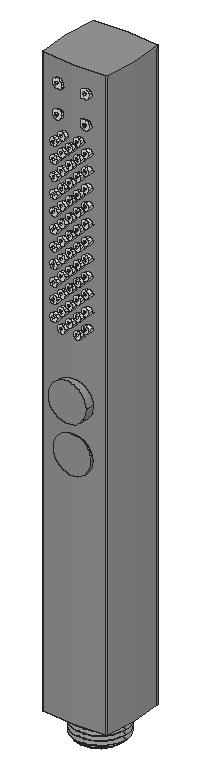
Revit family "Shower-Handshower-KOHLER-SHIFT-K-21336T", category Plumbing Fixtures, host Face, Revit 2017
Family settings
  Host = Face
  Round Connector Dimension = Use Diameter
  Part Type = Normal
  OmniClass Number = 23.31.17.00
  OmniClass Title = Showers
  Cut with Voids When Loaded = No
  Shared = No
  Room Calculation Point = No
Parameters (values of type "Not A Type See Type Catalog")
  Width = 1.10236"  # constant formula
  WaterSense Certified = 1 = 0  # no
  Waste Water Outlet = "Waste Water Outlet"  # constant formula
  Waste Connection = 1 = 0  # no
  Vent Connection = 1 = 0  # no
  URL = "http://www.kohler.com.cn/"
  Type = 1
  Tempered Water Inlet = "Tempered Water Inlet"  # constant formula
  Product Page URL = "https://www.kohler.com.cn/product/K-21336T/K-21336T-CP/"
  Product Name = "SHIFT"  # constant formula
  Product Documentation Link = "https://files.kohler.com.cn/pdfs/1510628193474_21336T_install.pdf"
  Pressure = 0.00 psi
  Model = if(Type = 1, "K-21336T-CP", if(Type = 2, "K-21336T-AF", if(Type = 3, "K-21336T-SN", if(Type = 4, "K-21336T-BV", if(Type = 5, "K-21336T-BN", if(Type = 6, "K-21336T-RGD", if(Type = 7, "K-21336T-TT\r\n", if(Type = 8, "K-21336T-PGD", if(Type = 9, "K-21336T-BL", "NA")))))))))  # "K-21336T-CP"
  Material = "Premium Metal Construction"  # constant formula
  Master Format 2014 Name = "Residential Faucets, Supplies, and Trim"  # constant formula
  Master Format 2014 = "22 41 39"  # constant formula
  Manufacturer Address = "Kohler Beijing Office (100016) 36-2-03-B, No. 88, Liuxiang Road, Beijing"  # constant formula
  Manufacturer = "KOHLER Co."  # constant formula
  Length = 1.10236"  # constant formula
  Hot Water Inlet = "Hot Water Inlet"  # constant formula
  Height = 9.84252"  # constant formula
  HW Connection = 1 = 1  # yes
  Flow Rate = 0 GPM
  Finish = Default
  Environmental Product Declaration = ""
  Drain Included = 1 = 0  # no
  Description = "Multifunctional Fashion Rod Handheld Shower-Square"  # constant formula
  Default Elevation = 36"
  Declare Label = ""
  Date Modified = "20/08/2020"  # constant formula
  Date Created = "20/08/2020"  # constant formula
  Copyright = "Copyright KOHLER Co."  # constant formula
  Contact Us = "http://www.kohler.com.cn/contact/contact-us/"
  Cold Water Inlet = "Cold Water Inlet"  # constant formula
  CW Connection = 1 = 0  # no
  Assembly Code = "D2010"
  ADA Compliant = 1 = 0  # no
Reference planes (in)
  plane 1 "Center (Front/Back)": y = 0
  plane 2: z = 0
  plane 3 "Center (Left/Right)": x = 0
  plane 4: x = -0.55118
  plane 5: x = 0
  plane 6: z = 9.84252
  plane 7: x = 0.55118
  plane 8: y = 0.55118
  plane 9: y = -0.55118
Dimensions and locks (in)
  "Height": plane 6 to level
  plane 4 to plane 5 = 0.55118"
  "Width": plane 7 to plane 4
  "Length": plane 8 to plane 9
  aligned and locked: plane 2 to host face
  aligned and locked: level to host face
Automatic sketch dimensions
  host sketch curve to host sketch curve = 96"  (x2)
Nested families (in)
  nested 1: "K-21336T" at (0, 0, 0), type "K-21336T", detail levels medium+fine
Connectors (in)
  piping at (0, 0, 0), diameter 0.5, driven by "HW Connection", driven by "Tempered Water Inlet"
    settings: on nested 1, index 1, connector inside diameter 24", connector length 0", flow factor 0, pipe flow 0 GPM, pressure drop 0.00 psi, fitting loss kfactor 0, connector angle 0.00°, fixture units 0, engagement length 0", angle of deflection 0.00°, flow configuration 1, flow direction 1, fitting loss method 0, system type 19, joint type 0, gender type 0, connector reference index -1, connector utility 1, adjustable connector no, is connector primary yes, connector description "Tempered Water Inlet"
Definition of nested family "K-21336T"
  Parameters (values of type "K-21336T")
    Material = none
    HW Connection = no
  Reference planes (in)
    plane 1 "Center (Front/Back)": y = 0
    plane 2: z = 0
    plane 3 "Center (Left/Right)": x = 0
    plane 4: z = 9.84252
    plane 5: y = -0.55118
    plane 6: y = 5.18743
    plane 7: y = 0.55118
  Forms (in)
    Extrusion 1, solid, material <- "Material", detail levels medium+fine
      sketch origin (0, 0, 0) x (1, 0, 0) y (0, 1, 0)
        loop
          arc (-0.49429, 0.51381) -> (-0.51038, 0.50714) -> (-0.51705, 0.49104) r 0.02276
          arc (-0.51705, 0.49104) -> (-0.54895, -0.00092) -> (-0.51468, -0.49273) r 3.6737
          arc (-0.51468, -0.49273) -> (-0.50777, -0.50677) -> (-0.49383, -0.51388) r 0.02481
          arc (-0.49383, -0.51388) -> (-0.00015, -0.5512) -> (0.49354, -0.51392) r 3.28584
          arc (0.49354, -0.51392) -> (0.5077, -0.5067) -> (0.51472, -0.49244) r 0.0252
          arc (0.51472, -0.49244) -> (0.54895, -0.00002) -> (0.51685, 0.49255) r 3.6737
          arc (0.51685, 0.49255) -> (0.51006, 0.50645) -> (0.4963, 0.5135) r 0.02446
          arc (0.4963, 0.5135) -> (0.00102, 0.5512) -> (-0.49429, 0.51381) r 3.28584
      from 0.39173 to 9.84055
    Extrusion 2, solid, material <- "Material", detail levels coarse
      sketch origin (0, 0, 0) x (1, 0, 0) y (0, 1, 0)
        loop
          arc (0, 0.51992) -> (-0.24269, 0.51047) -> (-0.48415, 0.48433) r 3.52673
          arc (-0.48415, 0.48433) -> (-0.50967, 0.24274) -> (-0.51965, 0) r 3.78923
          arc (-0.51965, 0) -> (-0.50967, -0.24274) -> (-0.48415, -0.48433) r 3.78923
          arc (-0.48415, -0.48433) -> (-0.24269, -0.51047) -> (0, -0.51992) r 3.52673
          arc (0, -0.51992) -> (0.24269, -0.51047) -> (0.48415, -0.48433) r 3.52673
          arc (0.48415, -0.48433) -> (0.50967, -0.24274) -> (0.51965, 0) r 3.78923
          arc (0.51965, 0) -> (0.50967, 0.24274) -> (0.48415, 0.48433) r 3.78923
          arc (0.48415, 0.48433) -> (0.24269, 0.51047) -> (0, 0.51992) r 3.52673
      from 0.39173 to 0.41277
    Revolve 3, solid, material <- "Material", detail levels medium+fine
      sketch origin (0, 0, 0) x (1, 0, 0) y (0, 0, 1)
        loop
          line (0, 0.90551) -> (-0.3189, 0.90551) -> (-0.3189, 0.83071) -> (-0.28347, 0.83071) -> (-0.28347, 0.74803) -> (-0.33062, 0.74803) -> (-0.33062, 0.66929) -> (-0.19694, 0.66929) -> (-0.19694, 0.49219) -> (-0.35857, 0.49219) -> (-0.35857, 0.43307) -> (-0.43047, 0.43307) -> (-0.43047, 0.39173) -> (-0.36203, 0.39173) -> (-0.36203, 0.31525) -> (-0.40948, 0.28895) -> (-0.36205, 0.25449) -> (-0.40971, 0.21821) -> (-0.36245, 0.1826) -> (-0.40986, 0.14556) -> (-0.3631, 0.11033) -> (-0.40934, 0.07549) -> (-0.36147, 0.04441)
          arc (-0.36147, 0.04441) -> (-0.33847, 0.04081) -> (-0.31527, 0.03873) r 0.35232
          arc (-0.31527, 0.03873) -> (-0.34613, 0.0375) -> (-0.37478, 0.02597) r 0.09055
          line (-0.37478, 0.02597) -> (-0.34881, 0) -> (0, 0) -> (0, 0.90551)
        axis (0, 0.90551) -> (0, 0)
      angle from 0 to 360
    Extrusion 4, solid, detail levels medium+fine
      sketch origin (0, 0, 0) x (1, 0, 0) y (0, 0, 1)
        loop
          arc (-0.1678, 9.50546) -> (-0.29594, 9.55882) -> (-0.2429, 9.43055) r 0.0751
          line (-0.2429, 9.43055) -> (-0.18966, 9.43055)
          arc (-0.18966, 9.43055) -> (-0.1742, 9.43695) -> (-0.1678, 9.45241) r 0.02186
          line (-0.1678, 9.45241) -> (-0.1678, 9.50546)
        loop
          arc (-0.24288, 9.13152) -> (-0.29591, 9.0033) -> (-0.16781, 9.05661) r 0.07507
          line (-0.16781, 9.05661) -> (-0.1678, 9.10579)
          arc (-0.1678, 9.10579) -> (-0.17533, 9.12398) -> (-0.19352, 9.13152) r 0.02572
          line (-0.19352, 9.13152) -> (-0.24288, 9.13152)
        loop
          circle (-0.14447, 8.7929) r 0.06046
        loop
          circle (-0.2429, 9.50565) r 0.03182
        loop
          circle (-0.24288, 9.05644) r 0.03273
        loop
          circle (-0.14447, 8.7929) r 0.02463
        loop
          circle (-0.27096, 8.6664) r 0.06046
        loop
          circle (-0.27096, 8.6664) r 0.02463
        loop
          circle (-0.01828, 8.66609) r 0.06046
        loop
          circle (-0.01828, 8.66609) r 0.02463
        loop
          circle (-0.01828, 8.41629) r 0.06046
        loop
          circle (-0.01828, 8.41629) r 0.02463
        loop
          circle (-0.01828, 8.16238) r 0.06046
        loop
          circle (-0.01828, 8.16238) r 0.02463
        loop
          circle (-0.01828, 7.91043) r 0.06046
        loop
          circle (-0.01828, 7.91043) r 0.02463
        loop
          circle (-0.01828, 7.65848) r 0.06046
        loop
          circle (-0.01828, 7.65848) r 0.02463
        loop
          circle (-0.01828, 7.40587) r 0.06046
        loop
          circle (-0.01828, 7.40587) r 0.02463
        loop
          circle (-0.01828, 7.15587) r 0.06046
        loop
          circle (-0.01828, 7.15587) r 0.02463
        loop
          circle (-0.01828, 6.90197) r 0.06046
        loop
          circle (-0.01828, 6.90197) r 0.02463
        loop
          circle (-0.01828, 6.64951) r 0.06046
        loop
          circle (-0.01828, 6.64951) r 0.02463
        loop
          circle (-0.01828, 6.39864) r 0.06046
        loop
          circle (-0.01828, 6.39864) r 0.02463
        loop
          circle (-0.01828, 6.14864) r 0.06046
        loop
          circle (-0.01828, 6.14864) r 0.02463
        loop
          circle (-0.14446, 8.54186) r 0.06046
        loop
          circle (-0.14446, 8.54186) r 0.02463
        loop
          circle (-0.27115, 8.41487) r 0.06046
        loop
          circle (-0.27115, 8.41487) r 0.02463
        loop
          circle (-0.14465, 8.28837) r 0.06046
        loop
          circle (-0.14465, 8.28837) r 0.02463
        loop
          circle (-0.27027, 8.1633) r 0.06046
        loop
          circle (-0.27027, 8.1633) r 0.02463
        loop
          circle (-0.14529, 8.03637) r 0.06046
        loop
          circle (-0.14529, 8.03637) r 0.02463
        loop
          circle (-0.271, 7.91066) r 0.06046
        loop
          circle (-0.271, 7.91066) r 0.02463
        loop
          circle (-0.14382, 7.78543) r 0.06046
        loop
          circle (-0.14382, 7.78543) r 0.02463
        loop
          circle (-0.27058, 7.65915) r 0.06046
        loop
          circle (-0.27058, 7.65915) r 0.02463
        loop
          circle (-0.14413, 7.5327) r 0.06046
        loop
          circle (-0.14413, 7.5327) r 0.02463
        loop
          circle (-0.27169, 7.4071) r 0.06046
        loop
          circle (-0.27169, 7.4071) r 0.02463
        loop
          circle (-0.14491, 7.28228) r 0.06046
        loop
          circle (-0.14491, 7.28228) r 0.02463
        loop
          circle (-0.27097, 7.15427) r 0.06046
        loop
          circle (-0.27097, 7.15427) r 0.02463
        loop
          circle (-0.27097, 6.90427) r 0.06046
        loop
          circle (-0.27097, 6.90427) r 0.02463
        loop
          circle (-0.27097, 6.65036) r 0.06046
        loop
          circle (-0.27097, 6.65036) r 0.02463
        loop
          circle (-0.27097, 6.40036) r 0.06046
        loop
          circle (-0.27097, 6.40036) r 0.02463
        loop
          circle (-0.27097, 6.14646) r 0.06046
        loop
          circle (-0.27097, 6.14646) r 0.02463
        loop
          circle (-0.14546, 7.02933) r 0.06046
        loop
          circle (-0.14546, 7.02933) r 0.02463
        loop
          circle (-0.14546, 6.77738) r 0.06046
        loop
          circle (-0.14546, 6.77738) r 0.02463
        loop
          circle (-0.1432, 6.52442) r 0.06046
        loop
          circle (-0.1432, 6.52442) r 0.02463
        loop
          circle (-0.14546, 6.27537) r 0.06046
        loop
          circle (-0.14546, 6.27537) r 0.02463
        loop
          circle (-0.14546, 6.02147) r 0.06046
        loop
          circle (-0.14546, 6.02147) r 0.02463
        loop
          line (0.13123, 9.50546) -> (0.13123, 9.45241)
          arc (0.13123, 9.45241) -> (0.13763, 9.43695) -> (0.15309, 9.43055) r 0.02186
          line (0.15309, 9.43055) -> (0.20633, 9.43055)
          arc (0.20633, 9.43055) -> (0.25937, 9.55882) -> (0.13123, 9.50546) r 0.0751
        loop
          line (0.20632, 9.13152) -> (0.15695, 9.13152)
          arc (0.15695, 9.13152) -> (0.13876, 9.12398) -> (0.13123, 9.10579) r 0.02572
          line (0.13123, 9.10579) -> (0.13124, 9.05661)
          arc (0.13124, 9.05661) -> (0.25934, 9.0033) -> (0.20632, 9.13152) r 0.07507
        loop
          circle (0.1079, 8.7929) r 0.06046
        loop
          circle (0.20633, 9.50565) r 0.03182
        loop
          circle (0.20632, 9.05644) r 0.03273
        loop
          circle (0.1079, 8.7929) r 0.02463
        loop
          circle (0.2344, 8.6664) r 0.06046
        loop
          circle (0.2344, 8.6664) r 0.02463
        loop
          circle (0.1079, 8.54186) r 0.06046
        loop
          circle (0.1079, 8.54186) r 0.02463
        loop
          circle (0.23459, 8.41487) r 0.06046
        loop
          circle (0.23459, 8.41487) r 0.02463
        loop
          circle (0.10809, 8.28837) r 0.06046
        loop
          circle (0.10809, 8.28837) r 0.02463
        loop
          circle (0.2337, 8.1633) r 0.06046
        loop
          circle (0.2337, 8.1633) r 0.02463
        loop
          circle (0.10873, 8.03637) r 0.06046
        loop
          circle (0.10873, 8.03637) r 0.02463
        loop
          circle (0.23444, 7.91066) r 0.06046
        loop
          circle (0.23444, 7.91066) r 0.02463
        loop
          circle (0.10726, 7.78543) r 0.06046
        loop
          circle (0.10726, 7.78543) r 0.02463
        loop
          circle (0.23402, 7.65915) r 0.06046
        loop
          circle (0.23402, 7.65915) r 0.02463
        loop
          circle (0.10757, 7.5327) r 0.06046
        loop
          circle (0.10757, 7.5327) r 0.02463
        loop
          circle (0.23513, 7.4071) r 0.06046
        loop
          circle (0.23513, 7.4071) r 0.02463
        loop
          circle (0.10835, 7.28228) r 0.06046
        loop
          circle (0.10835, 7.28228) r 0.02463
        loop
          circle (0.23441, 7.15427) r 0.06046
        loop
          circle (0.23441, 7.15427) r 0.02463
        loop
          circle (0.23441, 6.90427) r 0.06046
        loop
          circle (0.23441, 6.90427) r 0.02463
        loop
          circle (0.23441, 6.65036) r 0.06046
        loop
          circle (0.23441, 6.65036) r 0.02463
        loop
          circle (0.23441, 6.40036) r 0.06046
        loop
          circle (0.23441, 6.40036) r 0.02463
        loop
          circle (0.23441, 6.14646) r 0.06046
        loop
          circle (0.23441, 6.14646) r 0.02463
        loop
          circle (0.10889, 7.02933) r 0.06046
        loop
          circle (0.10889, 7.02933) r 0.02463
        loop
          circle (0.10889, 6.77738) r 0.06046
        loop
          circle (0.10889, 6.77738) r 0.02463
        loop
          circle (0.10663, 6.52442) r 0.06046
        loop
          circle (0.10663, 6.52442) r 0.02463
        loop
          circle (0.10889, 6.27537) r 0.06046
        loop
          circle (0.10889, 6.27537) r 0.02463
        loop
          circle (0.10889, 6.02147) r 0.06046
        loop
          circle (0.10889, 6.02147) r 0.02463
      from 0.39103 to 1.95251
    Extrusion 5, void
      sketch origin (0, 0, 0) x (0, 1, 0) y (0, 0, 1)
        loop
          line (-0.59022, 5.88724) -> (-0.59022, 8.94203) -> (-2.14883, 8.94203) -> (-2.14883, 5.88724) -> (-0.59022, 5.88724)
        loop
          line (-0.56127, 8.96884) -> (-0.56127, 9.64488) -> (-2.14883, 9.64488) -> (-2.14883, 8.96884) -> (-0.56127, 8.96884)
      from -1.14527 to 1.52886
    Extrusion 6, solid, material <- "Material", detail levels medium+fine
      sketch origin (0, 0, 0) x (1, 0, 0) y (0, 0, 1)
        loop
          circle (0, 5.05157) r 0.30248
      from 0 to 0.65484
    Extrusion 7, solid, material <- "Material", detail levels medium+fine
      sketch origin (0, 0, 0) x (1, 0, 0) y (0, 0, 1)
        loop
          circle (0, 4.26322) r 0.29885
      from 0 to 0.56044
    Extrusion 8, solid, material <- "Material", detail levels coarse
      sketch origin (0, 0, 0) x (1, 0, 0) y (0, 1, 0)
        loop
          arc (-0.51439, 0.51068) -> (-0.54895, -0.00026) -> (-0.51212, -0.51104) r 3.6737
          arc (-0.51212, -0.51104) -> (0, -0.5512) -> (0.51212, -0.51104) r 3.28584
          arc (0.51212, -0.51104) -> (0.54895, -0.00026) -> (0.51439, 0.51068) r 3.6737
          arc (0.51439, 0.51068) -> (0, 0.5512) -> (-0.51439, 0.51068) r 3.28584
      from 0.39173 to 9.84252
    Revolve 9, solid, material <- "Material", detail levels coarse
      sketch origin (0, 0, 0) x (1, 0, 0) y (0, 0, 1)
        loop
          line (-0.36203, 0.39131) -> (-0.36203, -0.00197) -> (0, -0.00197) -> (0, 0.39131) -> (-0.36203, 0.39131)
        axis (0, 0.39131) -> (0, -0.00197)
      angle from 0 to 360
  Cuts and joins
    Extrusion 5 cuts Extrusion 4
    joined: Revolve 3, Extrusion 6, Extrusion 7
    joined: Extrusion 2, Extrusion 8, Revolve 9
  Lines and regions (in)
    Masking region 1
      outline origin (0, 0, 0) x (1, 0, 0) y (0, 0, 1)
        loop
          line (-0.54896, 0.39173) -> (-0.36203, 0.39173) -> (-0.36203, 0.31525) -> (-0.40948, 0.28895) -> (-0.36205, 0.25449) -> (-0.40971, 0.21821) -> (-0.36245, 0.1826) -> (-0.40986, 0.14556) -> (-0.3631, 0.11033) -> (-0.40934, 0.07549) -> (-0.36147, 0.04441) -> (-0.3246, 0.03922)
          arc (-0.3246, 0.03922) -> (-0.35066, 0.03627) -> (-0.37478, 0.02597) r 0.09063
          line (-0.37478, 0.02597) -> (-0.34881, 0) -> (0.34881, 0) -> (0.37478, 0.02597)
          arc (0.37478, 0.02597) -> (0.35177, 0.0368) -> (0.32648, 0.03949) r 0.07653
          line (0.32648, 0.03949) -> (0.36147, 0.04441) -> (0.40934, 0.07549) -> (0.3631, 0.11033) -> (0.40986, 0.14556) -> (0.36245, 0.1826) -> (0.40971, 0.21821) -> (0.36205, 0.25449) -> (0.40948, 0.28895) -> (0.36203, 0.31525) -> (0.36203, 0.39173) -> (0.54896, 0.39173) -> (0.54896, 9.84055) -> (-0.54896, 9.84055) -> (-0.54896, 0.39173)
    Masking region 2
      outline origin (0, 0, 0) x (0, 1, 0) y (0, 0, 1)
        loop
          line (0.36203, 0.39173) -> (0.5512, 0.39173) -> (0.5512, 9.84055) -> (-0.5512, 9.84055) -> (-0.5512, 9.61833) -> (-0.56127, 9.58075) -> (-0.56127, 9.43055) -> (-0.5512, 9.39297) -> (-0.5512, 9.16943) -> (-0.56127, 9.13185) -> (-0.56127, 8.98137) -> (-0.5512, 8.94379) -> (-0.5512, 8.85336) -> (-0.59022, 8.85336) -> (-0.59022, 5.961) -> (-0.55132, 5.961) -> (-0.55132, 5.35416) -> (-0.65484, 5.35416) -> (-0.65484, 4.74909) -> (-0.55118, 4.74909) -> (-0.55118, 0.39173) -> (-0.36203, 0.39173) -> (-0.36203, 0.31525) -> (-0.40948, 0.28895) -> (-0.36205, 0.25449) -> (-0.40971, 0.21821) -> (-0.36245, 0.1826) -> (-0.40986, 0.14556) -> (-0.3631, 0.11033) -> (-0.40934, 0.07549) -> (-0.36147, 0.04441) -> (-0.32163, 0.03951)
          arc (-0.32163, 0.03951) -> (-0.34919, 0.03662) -> (-0.37478, 0.02597) r 0.09608
          line (-0.37478, 0.02597) -> (-0.34881, 0) -> (0, 0) -> (0.34881, 0) -> (0.37478, 0.02597)
          arc (0.37478, 0.02597) -> (0.34919, 0.03662) -> (0.32163, 0.03951) r 0.09608
          line (0.32163, 0.03951) -> (0.36147, 0.04441) -> (0.40934, 0.07549) -> (0.3631, 0.11033) -> (0.40986, 0.14556) -> (0.36245, 0.1826) -> (0.40971, 0.21821) -> (0.36205, 0.25449) -> (0.40948, 0.28895) -> (0.36203, 0.31525) -> (0.36203, 0.39173)
    Masking region 3
      outline origin (0, 0, 0) x (1, 0, 0) y (0, 1, 0)
        loop
          arc (0.4963, 0.5135) -> (0.00102, 0.5512) -> (-0.49429, 0.51381) r 3.28584
          arc (-0.49429, 0.51381) -> (-0.51038, 0.50714) -> (-0.51705, 0.49104) r 0.02276
          arc (-0.51705, 0.49104) -> (-0.54895, -0.00072) -> (-0.51474, -0.49233) r 3.6737
          arc (-0.51474, -0.49233) -> (-0.50726, -0.50708) -> (-0.49226, -0.51405) r 0.0253
          arc (-0.49226, -0.51405) -> (-0.41186, -0.52272) -> (-0.33155, -0.53218) r 8.22572
          line (-0.33155, -0.53218) -> (-0.33155, -0.65484) -> (0, -0.65484) -> (0.30248, -0.65484) -> (0.30248, -0.5358)
          arc (0.30248, -0.5358) -> (0.39795, -0.5243) -> (0.49354, -0.51392) r 8.22572
          arc (0.49354, -0.51392) -> (0.5077, -0.5067) -> (0.51472, -0.49244) r 0.0252
          arc (0.51472, -0.49244) -> (0.54895, -0.00002) -> (0.51685, 0.49255) r 3.6737
          arc (0.51685, 0.49255) -> (0.51006, 0.50645) -> (0.4963, 0.5135) r 0.02446
    symbolic lines, detail levels medium+fine
      curve 1: line (0, 0.55118, 0.39173) -> (0, 0.55118, 9.84055)
      curve 2: line (0, 0.51381, 0.39173) -> (0, 0.51381, 9.84055)
      curve 3: line (0, 0.36203, 0.39173) -> (0, -0.36203, 0.39173)
      curve 4: line (0, 0.36203, 0.31525) -> (0, -0.36203, 0.31525)
      curve 5: line (0, 0.36205, 0.25449) -> (0, -0.36205, 0.25449)
      curve 6: line (0, 0.40971, 0.21821) -> (0, -0.40971, 0.21821)
      curve 7: line (0, 0.36245, 0.1826) -> (0, -0.36245, 0.1826)
      curve 8: line (0, 0.40986, 0.14556) -> (0, -0.40986, 0.14556)
      curve 9: line (0, -0.3631, 0.11033) -> (0, 0.3631, 0.11033)
      curve 10: line (0, 0.40934, 0.07549) -> (0, -0.40934, 0.07549)
      curve 11: line (0, -0.36147, 0.04441) -> (0, 0.36147, 0.04441)
      curve 12: line (0, -0.37478, 0.02597) -> (0, 0.37478, 0.02597)
      curve 13: line (0, -0.40948, 0.28895) -> (0, 0.40948, 0.28895)
      curve 14: arc (-0.1678, 0, 9.50546) -> (-0.29594, 0, 9.55882) -> (-0.2429, 0, 9.43055) r 0.0751
      curve 15: line (-0.2429, 0, 9.43055) -> (-0.18966, 0, 9.43055)
      curve 16: line (-0.1678, 0, 9.45241) -> (-0.1678, 0, 9.50546)
      curve 17: arc (-0.18966, 0, 9.43055) -> (-0.1742, 0, 9.43695) -> (-0.1678, 0, 9.45241) r 0.02186
      curve 18: arc (-0.21108, 0, 9.50565) -> (-0.2429, 0, 9.47383) -> (-0.27472, 0, 9.50565) r 0.03182
      curve 19: arc (-0.27472, 0, 9.50565) -> (-0.2429, 0, 9.53747) -> (-0.21108, 0, 9.50565) r 0.03182
      curve 20: arc (0.23815, 0, 9.50565) -> (0.20633, 0, 9.47383) -> (0.17451, 0, 9.50565) r 0.03182
      curve 21: arc (0.17451, 0, 9.50565) -> (0.20633, 0, 9.53747) -> (0.23815, 0, 9.50565) r 0.03182
      curve 22: arc (0.20633, 0, 9.43055) -> (0.25937, 0, 9.55882) -> (0.13123, 0, 9.50546) r 0.0751
      curve 23: line (0.13123, 0, 9.50546) -> (0.13123, 0, 9.45241)
      curve 24: arc (0.13123, 0, 9.45241) -> (0.13763, 0, 9.43695) -> (0.15309, 0, 9.43055) r 0.02186
      curve 25: line (0.15309, 0, 9.43055) -> (0.20633, 0, 9.43055)
      curve 26: line (-0.19352, 0, 9.13152) -> (-0.24288, 0, 9.13152)
      curve 27: arc (-0.24288, 0, 9.13152) -> (-0.29591, 0, 9.0033) -> (-0.16781, 0, 9.05661) r 0.07507
      curve 28: arc (-0.1678, 0, 9.10579) -> (-0.17533, 0, 9.12398) -> (-0.19352, 0, 9.13152) r 0.02572
      curve 29: line (-0.19352, 0, 9.13152) -> (-0.24288, 0, 9.13152)
      curve 30: line (-0.16781, 0, 9.05661) -> (-0.1678, 0, 9.10579)
      curve 31: arc (-0.27562, 0, 9.05644) -> (-0.24288, 0, 9.08918) -> (-0.21015, 0, 9.05644) r 0.03273
      curve 32: arc (-0.21015, 0, 9.05644) -> (-0.24288, 0, 9.02371) -> (-0.27562, 0, 9.05644) r 0.03273
      curve 33: arc (0.15695, 0, 9.13152) -> (0.13876, 0, 9.12398) -> (0.13123, 0, 9.10579) r 0.02572
      curve 34: line (0.13123, 0, 9.10579) -> (0.13124, 0, 9.05661)
      curve 35: line (0.20632, 0, 9.13152) -> (0.15695, 0, 9.13152)
      curve 36: arc (0.13124, 0, 9.05661) -> (0.25934, 0, 9.0033) -> (0.20632, 0, 9.13152) r 0.07507
      curve 37: arc (0.17358, 0, 9.05644) -> (0.20632, 0, 9.08918) -> (0.23905, 0, 9.05644) r 0.03273
      curve 38: arc (0.23905, 0, 9.05644) -> (0.20632, 0, 9.02371) -> (0.17358, 0, 9.05644) r 0.03273
      curve 39: arc (-0.08401, 0, 8.7929) -> (-0.14447, 0, 8.85336) -> (-0.20493, 0, 8.7929) r 0.06046
      curve 40: arc (-0.20493, 0, 8.7929) -> (-0.14447, 0, 8.73244) -> (-0.08401, 0, 8.7929) r 0.06046
      curve 41: arc (-0.1691, 0, 8.7929) -> (-0.14447, 0, 8.81753) -> (-0.11983, 0, 8.7929) r 0.02463
      curve 42: arc (-0.11983, 0, 8.7929) -> (-0.14447, 0, 8.76826) -> (-0.1691, 0, 8.7929) r 0.02463
      curve 43: arc (0.08327, 0, 8.7929) -> (0.1079, 0, 8.81753) -> (0.13254, 0, 8.7929) r 0.02463
      curve 44: arc (0.13254, 0, 8.7929) -> (0.1079, 0, 8.76826) -> (0.08327, 0, 8.7929) r 0.02463
      curve 45: arc (0.16836, 0, 8.7929) -> (0.1079, 0, 8.85336) -> (0.04744, 0, 8.7929) r 0.06046
      curve 46: arc (0.04744, 0, 8.7929) -> (0.1079, 0, 8.73244) -> (0.16836, 0, 8.7929) r 0.06046
      curve 47: arc (-0.2105, 0, 8.6664) -> (-0.27096, 0, 8.72686) -> (-0.33142, 0, 8.6664) r 0.06046
      curve 48: arc (-0.29559, 0, 8.6664) -> (-0.27096, 0, 8.69104) -> (-0.24633, 0, 8.6664) r 0.02463
      curve 49: arc (-0.24633, 0, 8.6664) -> (-0.27096, 0, 8.64177) -> (-0.29559, 0, 8.6664) r 0.02463
      curve 50: arc (-0.33142, 0, 8.6664) -> (-0.27096, 0, 8.60594) -> (-0.2105, 0, 8.6664) r 0.06046
      curve 51: arc (0.04218, 0, 8.66609) -> (-0.01828, 0, 8.72655) -> (-0.07874, 0, 8.66609) r 0.06046
      curve 52: arc (-0.04292, 0, 8.66609) -> (-0.01828, 0, 8.69072) -> (0.00635, 0, 8.66609) r 0.02463
      curve 53: arc (0.00635, 0, 8.66609) -> (-0.01828, 0, 8.64146) -> (-0.04292, 0, 8.66609) r 0.02463
      curve 54: arc (-0.07874, 0, 8.66609) -> (-0.01828, 0, 8.60563) -> (0.04218, 0, 8.66609) r 0.06046
      curve 55: arc (0.17394, 0, 8.6664) -> (0.2344, 0, 8.60594) -> (0.29486, 0, 8.6664) r 0.06046
      curve 56: arc (0.25903, 0, 8.6664) -> (0.2344, 0, 8.64177) -> (0.20976, 0, 8.6664) r 0.02463
      curve 57: arc (0.20976, 0, 8.6664) -> (0.2344, 0, 8.69104) -> (0.25903, 0, 8.6664) r 0.02463
      curve 58: arc (0.29486, 0, 8.6664) -> (0.2344, 0, 8.72686) -> (0.17394, 0, 8.6664) r 0.06046
      curve 59: arc (-0.084, 0, 8.54186) -> (-0.14446, 0, 8.60232) -> (-0.20493, 0, 8.54186) r 0.06046
      curve 60: arc (-0.1691, 0, 8.54186) -> (-0.14275, 0, 8.56643) -> (-0.12007, 0, 8.53844) r 0.02463
      curve 61: arc (-0.11983, 0, 8.54186) -> (-0.14446, 0, 8.51723) -> (-0.1691, 0, 8.54186) r 0.02463
      curve 62: arc (-0.20493, 0, 8.54186) -> (-0.14446, 0, 8.4814) -> (-0.084, 0, 8.54186) r 0.06046
      curve 63: arc (0.16836, 0, 8.54186) -> (0.1079, 0, 8.60232) -> (0.04744, 0, 8.54186) r 0.06046
      curve 64: arc (0.08327, 0, 8.54186) -> (0.1079, 0, 8.56649) -> (0.13253, 0, 8.54186) r 0.02463
      curve 65: arc (0.13253, 0, 8.54186) -> (0.1079, 0, 8.51723) -> (0.08327, 0, 8.54186) r 0.02463
      curve 66: arc (0.04744, 0, 8.54186) -> (0.1079, 0, 8.4814) -> (0.16836, 0, 8.54186) r 0.06046
      curve 67: arc (-0.21069, 0, 8.41487) -> (-0.27115, 0, 8.47533) -> (-0.33161, 0, 8.41487) r 0.06046
      curve 68: arc (-0.29579, 0, 8.41487) -> (-0.27115, 0, 8.4395) -> (-0.24652, 0, 8.41487) r 0.02463
      curve 69: arc (-0.24652, 0, 8.41487) -> (-0.27115, 0, 8.39024) -> (-0.29579, 0, 8.41487) r 0.02463
      curve 70: arc (-0.33161, 0, 8.41487) -> (-0.27115, 0, 8.35441) -> (-0.21069, 0, 8.41487) r 0.06046
      curve 71: arc (0.04218, 0, 8.41629) -> (-0.01828, 0, 8.47675) -> (-0.07874, 0, 8.41629) r 0.06046
      curve 72: arc (-0.04292, 0, 8.41629) -> (-0.01828, 0, 8.44092) -> (0.00635, 0, 8.41629) r 0.02463
      curve 73: arc (0.00635, 0, 8.41629) -> (-0.01828, 0, 8.39166) -> (-0.04292, 0, 8.41629) r 0.02463
      curve 74: arc (-0.07874, 0, 8.41629) -> (-0.01828, 0, 8.35583) -> (0.04218, 0, 8.41629) r 0.06046
      curve 75: arc (0.29505, 0, 8.41487) -> (0.23459, 0, 8.47533) -> (0.17413, 0, 8.41487) r 0.06046
      curve 76: arc (0.20996, 0, 8.41487) -> (0.23459, 0, 8.4395) -> (0.25922, 0, 8.41487) r 0.02463
      curve 77: arc (0.25922, 0, 8.41487) -> (0.23459, 0, 8.39024) -> (0.20996, 0, 8.41487) r 0.02463
      curve 78: arc (0.17413, 0, 8.41487) -> (0.23459, 0, 8.35441) -> (0.29505, 0, 8.41487) r 0.06046
      curve 79: arc (-0.08419, 0, 8.28837) -> (-0.14465, 0, 8.34883) -> (-0.20511, 0, 8.28837) r 0.06046
      curve 80: arc (-0.16928, 0, 8.28837) -> (-0.14465, 0, 8.313) -> (-0.12002, 0, 8.28837) r 0.02463
      curve 81: arc (-0.12002, 0, 8.28837) -> (-0.14465, 0, 8.26374) -> (-0.16928, 0, 8.28837) r 0.02463
      curve 82: arc (-0.20511, 0, 8.28837) -> (-0.14465, 0, 8.22791) -> (-0.08419, 0, 8.28837) r 0.06046
      curve 83: arc (0.16855, 0, 8.28837) -> (0.10809, 0, 8.34883) -> (0.04763, 0, 8.28837) r 0.06046
      curve 84: arc (0.08345, 0, 8.28837) -> (0.10809, 0, 8.313) -> (0.13272, 0, 8.28837) r 0.02463
      curve 85: arc (0.13272, 0, 8.28837) -> (0.10809, 0, 8.26374) -> (0.08345, 0, 8.28837) r 0.02463
      curve 86: arc (0.04763, 0, 8.28837) -> (0.10809, 0, 8.22791) -> (0.16855, 0, 8.28837) r 0.06046
      curve 87: arc (-0.20981, 0, 8.1633) -> (-0.27027, 0, 8.22376) -> (-0.33073, 0, 8.1633) r 0.06046
      curve 88: arc (-0.2949, 0, 8.1633) -> (-0.27027, 0, 8.18793) -> (-0.24563, 0, 8.1633) r 0.02463
      curve 89: arc (-0.24563, 0, 8.1633) -> (-0.27027, 0, 8.13867) -> (-0.2949, 0, 8.1633) r 0.02463
      curve 90: arc (-0.33073, 0, 8.1633) -> (-0.27027, 0, 8.10284) -> (-0.20981, 0, 8.1633) r 0.06046
      curve 91: arc (0.04218, 0, 8.16238) -> (-0.01828, 0, 8.22284) -> (-0.07874, 0, 8.16238) r 0.06046
      curve 92: arc (-0.04292, 0, 8.16238) -> (-0.01828, 0, 8.18702) -> (0.00635, 0, 8.16238) r 0.02463
      curve 93: arc (0.00635, 0, 8.16238) -> (-0.01828, 0, 8.13775) -> (-0.04292, 0, 8.16238) r 0.02463
      curve 94: arc (-0.07874, 0, 8.16238) -> (-0.01828, 0, 8.10192) -> (0.04218, 0, 8.16238) r 0.06046
      curve 95: arc (0.20907, 0, 8.1633) -> (0.2337, 0, 8.18793) -> (0.25834, 0, 8.1633) r 0.02463
      curve 96: arc (0.29416, 0, 8.1633) -> (0.2337, 0, 8.22376) -> (0.17324, 0, 8.1633) r 0.06046
      curve 97: arc (0.17324, 0, 8.1633) -> (0.2337, 0, 8.10284) -> (0.29416, 0, 8.1633) r 0.06046
      curve 98: arc (0.25834, 0, 8.1633) -> (0.2337, 0, 8.13867) -> (0.20907, 0, 8.1633) r 0.02463
      curve 99: arc (0.16919, 0, 8.03637) -> (0.12052, 0, 8.09567) -> (0.05287, 0, 8.05951) r 0.06046
      curve 100: arc (0.08409, 0, 8.03637) -> (0.10873, 0, 8.061) -> (0.13336, 0, 8.03637) r 0.02463
      curve 101: arc (0.13336, 0, 8.03637) -> (0.10873, 0, 8.01174) -> (0.08409, 0, 8.03637) r 0.02463
      curve 102: arc (-0.08483, 0, 8.03637) -> (-0.14529, 0, 8.09683) -> (-0.20575, 0, 8.03637) r 0.06046
      curve 103: arc (-0.16992, 0, 8.03637) -> (-0.14529, 0, 8.061) -> (-0.12066, 0, 8.03637) r 0.02463
      curve 104: arc (-0.12066, 0, 8.03637) -> (-0.14529, 0, 8.01174) -> (-0.16992, 0, 8.03637) r 0.02463
      curve 105: arc (-0.20575, 0, 8.03637) -> (-0.14529, 0, 7.97591) -> (-0.08483, 0, 8.03637) r 0.06046
      curve 106: arc (0.08409, 0, 8.03637) -> (0.10873, 0, 8.061) -> (0.13336, 0, 8.03637) r 0.02463
      curve 107: arc (0.13336, 0, 8.03637) -> (0.10873, 0, 8.01174) -> (0.08409, 0, 8.03637) r 0.02463
      curve 108: arc (0.04827, 0, 8.03637) -> (0.04845, 0, 8.03163) -> (0.04901, 0, 8.02692) r 0.06046
      curve 109: arc (-0.08483, 0, 8.03637) -> (-0.14529, 0, 8.09683) -> (-0.20575, 0, 8.03637) r 0.06046
      curve 110: arc (0.05287, 0, 8.05951) -> (0.09693, 0, 7.97707) -> (0.16919, 0, 8.03637) r 0.06046
      curve 111: arc (-0.21054, 0, 7.91066) -> (-0.271, 0, 7.97112) -> (-0.33147, 0, 7.91066) r 0.06046
      curve 112: arc (-0.29564, 0, 7.91066) -> (-0.271, 0, 7.93529) -> (-0.24637, 0, 7.91066) r 0.02463
      curve 113: arc (-0.24637, 0, 7.91066) -> (-0.271, 0, 7.88602) -> (-0.29564, 0, 7.91066) r 0.02463
      curve 114: arc (-0.33147, 0, 7.91066) -> (-0.271, 0, 7.8502) -> (-0.21054, 0, 7.91066) r 0.06046
      curve 115: arc (0.04218, 0, 7.91043) -> (-0.01828, 0, 7.97089) -> (-0.07874, 0, 7.91043) r 0.06046
      curve 116: arc (-0.04292, 0, 7.91043) -> (-0.01828, 0, 7.93506) -> (0.00635, 0, 7.91043) r 0.02463
      curve 117: arc (0.00635, 0, 7.91043) -> (-0.01828, 0, 7.8858) -> (-0.04292, 0, 7.91043) r 0.02463
      curve 118: arc (-0.07874, 0, 7.91043) -> (-0.01828, 0, 7.84997) -> (0.04218, 0, 7.91043) r 0.06046
      curve 119: arc (0.2949, 0, 7.91066) -> (0.23444, 0, 7.97112) -> (0.17398, 0, 7.91066) r 0.06046
      curve 120: arc (0.20981, 0, 7.91066) -> (0.23444, 0, 7.93529) -> (0.25907, 0, 7.91066) r 0.02463
      curve 121: arc (0.25907, 0, 7.91066) -> (0.23444, 0, 7.88602) -> (0.20981, 0, 7.91066) r 0.02463
      curve 122: arc (0.17398, 0, 7.91066) -> (0.23444, 0, 7.8502) -> (0.2949, 0, 7.91066) r 0.06046
      curve 123: arc (0.16772, 0, 7.78543) -> (0.10726, 0, 7.84589) -> (0.0468, 0, 7.78543) r 0.06046
      curve 124: arc (0.08262, 0, 7.78543) -> (0.10726, 0, 7.81006) -> (0.13189, 0, 7.78543) r 0.02463
      curve 125: arc (0.13189, 0, 7.78543) -> (0.10726, 0, 7.76079) -> (0.08262, 0, 7.78543) r 0.02463
      curve 126: arc (0.0468, 0, 7.78543) -> (0.10726, 0, 7.72497) -> (0.16772, 0, 7.78543) r 0.06046
      curve 127: arc (-0.08336, 0, 7.78543) -> (-0.14382, 0, 7.84589) -> (-0.20428, 0, 7.78543) r 0.06046
      curve 128: arc (-0.16845, 0, 7.78543) -> (-0.14382, 0, 7.81006) -> (-0.11919, 0, 7.78543) r 0.02463
      curve 129: arc (-0.11919, 0, 7.78543) -> (-0.14382, 0, 7.76079) -> (-0.16845, 0, 7.78543) r 0.02463
      curve 130: arc (-0.20428, 0, 7.78543) -> (-0.14382, 0, 7.72497) -> (-0.08336, 0, 7.78543) r 0.06046
      curve 131: arc (-0.21012, 0, 7.65915) -> (-0.27058, 0, 7.71961) -> (-0.33104, 0, 7.65915) r 0.06046
      curve 132: arc (-0.29521, 0, 7.65915) -> (-0.27058, 0, 7.68378) -> (-0.24595, 0, 7.65915) r 0.02463
      curve 133: arc (-0.24595, 0, 7.65915) -> (-0.27058, 0, 7.63452) -> (-0.29521, 0, 7.65915) r 0.02463
      curve 134: arc (-0.33104, 0, 7.65915) -> (-0.27058, 0, 7.59869) -> (-0.21012, 0, 7.65915) r 0.06046
      curve 135: arc (0.04218, 0, 7.65848) -> (-0.01828, 0, 7.71894) -> (-0.07874, 0, 7.65848) r 0.06046
      curve 136: arc (-0.04292, 0, 7.65848) -> (-0.01828, 0, 7.68311) -> (0.00635, 0, 7.65848) r 0.02463
      curve 137: arc (0.00635, 0, 7.65848) -> (-0.01828, 0, 7.63384) -> (-0.04292, 0, 7.65848) r 0.02463
      curve 138: arc (-0.07874, 0, 7.65848) -> (-0.01828, 0, 7.59801) -> (0.04218, 0, 7.65848) r 0.06046
      curve 139: arc (0.29448, 0, 7.65915) -> (0.23402, 0, 7.71961) -> (0.17355, 0, 7.65915) r 0.06046
      curve 140: arc (0.20938, 0, 7.65915) -> (0.23402, 0, 7.68378) -> (0.25865, 0, 7.65915) r 0.02463
      curve 141: arc (0.25865, 0, 7.65915) -> (0.23402, 0, 7.63452) -> (0.20938, 0, 7.65915) r 0.02463
      curve 142: arc (0.17355, 0, 7.65915) -> (0.23402, 0, 7.59869) -> (0.29448, 0, 7.65915) r 0.06046
      curve 143: arc (-0.08367, 0, 7.5327) -> (-0.14413, 0, 7.59317) -> (-0.20459, 0, 7.5327) r 0.06046
      curve 144: arc (-0.16877, 0, 7.5327) -> (-0.14413, 0, 7.55734) -> (-0.1195, 0, 7.5327) r 0.02463
      curve 145: arc (-0.1195, 0, 7.5327) -> (-0.14413, 0, 7.50807) -> (-0.16877, 0, 7.5327) r 0.02463
      curve 146: arc (-0.20459, 0, 7.5327) -> (-0.14413, 0, 7.47224) -> (-0.08367, 0, 7.5327) r 0.06046
      curve 147: arc (0.16803, 0, 7.5327) -> (0.10757, 0, 7.59317) -> (0.04711, 0, 7.5327) r 0.06046
      curve 148: arc (0.08294, 0, 7.5327) -> (0.10757, 0, 7.55734) -> (0.1322, 0, 7.5327) r 0.02463
      curve 149: arc (0.1322, 0, 7.5327) -> (0.10757, 0, 7.50807) -> (0.08294, 0, 7.5327) r 0.02463
      curve 150: arc (0.04711, 0, 7.5327) -> (0.10757, 0, 7.47224) -> (0.16803, 0, 7.5327) r 0.06046
      curve 151: arc (0.29559, 0, 7.4071) -> (0.23513, 0, 7.46756) -> (0.17466, 0, 7.4071) r 0.06046
      curve 152: arc (0.21049, 0, 7.4071) -> (0.23513, 0, 7.43174) -> (0.25976, 0, 7.4071) r 0.02463
      curve 153: arc (0.25976, 0, 7.4071) -> (0.23513, 0, 7.38247) -> (0.21049, 0, 7.4071) r 0.02463
      curve 154: arc (0.17466, 0, 7.4071) -> (0.23513, 0, 7.34664) -> (0.29559, 0, 7.4071) r 0.06046
      curve 155: arc (0.04218, 0, 7.40587) -> (-0.01828, 0, 7.46633) -> (-0.07874, 0, 7.40587) r 0.06046
      curve 156: arc (-0.04292, 0, 7.40587) -> (-0.01828, 0, 7.43051) -> (0.00635, 0, 7.40587) r 0.02463
      curve 157: arc (0.00635, 0, 7.40587) -> (-0.01828, 0, 7.38124) -> (-0.04292, 0, 7.40587) r 0.02463
      curve 158: arc (-0.07874, 0, 7.40587) -> (-0.01828, 0, 7.34541) -> (0.04218, 0, 7.40587) r 0.06046
      curve 159: arc (-0.21123, 0, 7.4071) -> (-0.27169, 0, 7.46756) -> (-0.33215, 0, 7.4071) r 0.06046
      curve 160: arc (-0.29632, 0, 7.4071) -> (-0.27169, 0, 7.43174) -> (-0.24706, 0, 7.4071) r 0.02463
      curve 161: arc (-0.24706, 0, 7.4071) -> (-0.27169, 0, 7.38247) -> (-0.29632, 0, 7.4071) r 0.02463
      curve 162: arc (-0.33215, 0, 7.4071) -> (-0.27169, 0, 7.34664) -> (-0.21123, 0, 7.4071) r 0.06046
      curve 163: arc (0.04218, 0, 7.40587) -> (-0.01828, 0, 7.46633) -> (-0.07874, 0, 7.40587) r 0.06046
      curve 164: arc (-0.08445, 0, 7.28228) -> (-0.14491, 0, 7.34274) -> (-0.20537, 0, 7.28228) r 0.06046
      curve 165: arc (-0.16955, 0, 7.28228) -> (-0.14491, 0, 7.30691) -> (-0.12028, 0, 7.28228) r 0.02463
      curve 166: arc (-0.12028, 0, 7.28228) -> (-0.14491, 0, 7.25765) -> (-0.16955, 0, 7.28228) r 0.02463
      curve 167: arc (-0.20537, 0, 7.28228) -> (-0.14491, 0, 7.22182) -> (-0.08445, 0, 7.28228) r 0.06046
      curve 168: arc (0.16881, 0, 7.28228) -> (0.10835, 0, 7.34274) -> (0.04789, 0, 7.28228) r 0.06046
      curve 169: arc (0.08372, 0, 7.28228) -> (0.10835, 0, 7.30691) -> (0.13298, 0, 7.28228) r 0.02463
      curve 170: arc (0.13298, 0, 7.28228) -> (0.10835, 0, 7.25765) -> (0.08372, 0, 7.28228) r 0.02463
      curve 171: arc (0.04789, 0, 7.28228) -> (0.10835, 0, 7.22182) -> (0.16881, 0, 7.28228) r 0.06046
      curve 172: arc (0.29487, 0, 7.15427) -> (0.23441, 0, 7.21473) -> (0.17395, 0, 7.15427) r 0.06046
      curve 173: arc (0.21298, 0, 7.14211) -> (0.22812, 0, 7.17809) -> (0.25904, 0, 7.15427) r 0.02463
      curve 174: arc (0.25904, 0, 7.15427) -> (0.23441, 0, 7.12963) -> (0.20977, 0, 7.15427) r 0.02463
      curve 175: arc (0.17395, 0, 7.15427) -> (0.23441, 0, 7.09381) -> (0.29487, 0, 7.15427) r 0.06046
      curve 176: arc (0.04218, 0, 7.15587) -> (-0.01828, 0, 7.21633) -> (-0.07874, 0, 7.15587) r 0.06046
      curve 177: arc (-0.04292, 0, 7.15587) -> (-0.01828, 0, 7.18051) -> (0.00635, 0, 7.15587) r 0.02463
      curve 178: arc (0.00635, 0, 7.15587) -> (-0.01828, 0, 7.13124) -> (-0.04292, 0, 7.15587) r 0.02463
      curve 179: arc (-0.07874, 0, 7.15587) -> (-0.01828, 0, 7.09541) -> (0.04218, 0, 7.15587) r 0.06046
      curve 180: arc (-0.21051, 0, 7.15427) -> (-0.27097, 0, 7.21473) -> (-0.33143, 0, 7.15427) r 0.06046
      curve 181: arc (-0.2956, 0, 7.15427) -> (-0.27097, 0, 7.1789) -> (-0.24634, 0, 7.15427) r 0.02463
      curve 182: arc (-0.24634, 0, 7.15427) -> (-0.27097, 0, 7.12963) -> (-0.2956, 0, 7.15427) r 0.02463
      curve 183: arc (-0.33143, 0, 7.15427) -> (-0.27097, 0, 7.09381) -> (-0.21051, 0, 7.15427) r 0.06046
      curve 184: arc (0.16935, 0, 7.02933) -> (0.10889, 0, 7.08979) -> (0.04843, 0, 7.02933) r 0.06046
      curve 185: arc (-0.17009, 0, 7.02933) -> (-0.14546, 0, 7.05396) -> (-0.12082, 0, 7.02933) r 0.02463
      curve 186: arc (-0.12082, 0, 7.02933) -> (-0.14546, 0, 7.0047) -> (-0.17009, 0, 7.02933) r 0.02463
      curve 187: arc (-0.08499, 0, 7.02933) -> (-0.14546, 0, 7.08979) -> (-0.20592, 0, 7.02933) r 0.06046
      curve 188: arc (-0.20592, 0, 7.02933) -> (-0.14546, 0, 6.96887) -> (-0.08499, 0, 7.02933) r 0.06046
      curve 189: arc (0.04843, 0, 7.02933) -> (0.10889, 0, 6.96887) -> (0.16935, 0, 7.02933) r 0.06046
      curve 190: arc (-0.21051, 0, 6.90427) -> (-0.27097, 0, 6.96473) -> (-0.33143, 0, 6.90427) r 0.06046
      curve 191: arc (-0.33143, 0, 6.90427) -> (-0.27097, 0, 6.84381) -> (-0.21051, 0, 6.90427) r 0.06046
      curve 192: arc (0.08426, 0, 7.02933) -> (0.10889, 0, 7.05396) -> (0.13352, 0, 7.02933) r 0.02463
      curve 193: arc (0.13352, 0, 7.02933) -> (0.10889, 0, 7.0047) -> (0.08426, 0, 7.02933) r 0.02463
      curve 194: arc (-0.2956, 0, 6.90427) -> (-0.27097, 0, 6.9289) -> (-0.24634, 0, 6.90427) r 0.02463
      curve 195: arc (-0.24634, 0, 6.90427) -> (-0.27097, 0, 6.87963) -> (-0.2956, 0, 6.90427) r 0.02463
      curve 196: arc (0.04218, 0, 6.90197) -> (-0.01828, 0, 6.96243) -> (-0.07874, 0, 6.90197) r 0.06046
      curve 197: arc (-0.04292, 0, 6.90197) -> (-0.01828, 0, 6.9266) -> (0.00635, 0, 6.90197) r 0.02463
      curve 198: arc (0.00635, 0, 6.90197) -> (-0.01828, 0, 6.87733) -> (-0.04292, 0, 6.90197) r 0.02463
      curve 199: arc (-0.07874, 0, 6.90197) -> (-0.01828, 0, 6.84151) -> (0.04218, 0, 6.90197) r 0.06046
      curve 200: arc (0.29487, 0, 6.90427) -> (0.23441, 0, 6.96473) -> (0.17395, 0, 6.90427) r 0.06046
      curve 201: arc (0.20977, 0, 6.90427) -> (0.23441, 0, 6.9289) -> (0.25904, 0, 6.90427) r 0.02463
      curve 202: arc (0.25904, 0, 6.90427) -> (0.23441, 0, 6.87963) -> (0.20977, 0, 6.90427) r 0.02463
      curve 203: arc (0.17395, 0, 6.90427) -> (0.23441, 0, 6.84381) -> (0.29487, 0, 6.90427) r 0.06046
      curve 204: arc (0.16935, 0, 6.77738) -> (0.10889, 0, 6.83784) -> (0.04843, 0, 6.77738) r 0.06046
      curve 205: arc (0.08426, 0, 6.77738) -> (0.10889, 0, 6.80201) -> (0.13352, 0, 6.77738) r 0.02463
      curve 206: arc (0.13352, 0, 6.77738) -> (0.10889, 0, 6.75274) -> (0.08426, 0, 6.77738) r 0.02463
      curve 207: arc (0.04843, 0, 6.77738) -> (0.10889, 0, 6.71691) -> (0.16935, 0, 6.77738) r 0.06046
      curve 208: arc (-0.08499, 0, 6.77738) -> (-0.14546, 0, 6.83784) -> (-0.20592, 0, 6.77738) r 0.06046
      curve 209: arc (-0.17009, 0, 6.77738) -> (-0.14546, 0, 6.80201) -> (-0.12082, 0, 6.77738) r 0.02463
      curve 210: arc (-0.12082, 0, 6.77738) -> (-0.14546, 0, 6.75274) -> (-0.17009, 0, 6.77738) r 0.02463
      curve 211: arc (-0.20592, 0, 6.77738) -> (-0.14546, 0, 6.71691) -> (-0.08499, 0, 6.77738) r 0.06046
      curve 212: arc (-0.21051, 0, 6.65036) -> (-0.27097, 0, 6.71082) -> (-0.33143, 0, 6.65036) r 0.06046
      curve 213: arc (-0.2956, 0, 6.65036) -> (-0.27097, 0, 6.67499) -> (-0.24634, 0, 6.65036) r 0.02463
      curve 214: arc (-0.24634, 0, 6.65036) -> (-0.27097, 0, 6.62573) -> (-0.2956, 0, 6.65036) r 0.02463
      curve 215: arc (-0.33143, 0, 6.65036) -> (-0.27097, 0, 6.5899) -> (-0.21051, 0, 6.65036) r 0.06046
      curve 216: arc (0.04218, 0, 6.64951) -> (-0.01828, 0, 6.70997) -> (-0.07874, 0, 6.64951) r 0.06046
      curve 217: arc (-0.04292, 0, 6.64951) -> (-0.01828, 0, 6.67414) -> (0.00635, 0, 6.64951) r 0.02463
      curve 218: arc (0.00635, 0, 6.64951) -> (-0.01828, 0, 6.62487) -> (-0.04292, 0, 6.64951) r 0.02463
      curve 219: arc (-0.07874, 0, 6.64951) -> (-0.01828, 0, 6.58905) -> (0.04218, 0, 6.64951) r 0.06046
      curve 220: arc (0.29487, 0, 6.65036) -> (0.23441, 0, 6.71082) -> (0.17395, 0, 6.65036) r 0.06046
      curve 221: arc (0.20977, 0, 6.65036) -> (0.23441, 0, 6.67499) -> (0.25904, 0, 6.65036) r 0.02463
      curve 222: arc (0.25904, 0, 6.65036) -> (0.23441, 0, 6.62573) -> (0.20977, 0, 6.65036) r 0.02463
      curve 223: arc (0.17395, 0, 6.65036) -> (0.23441, 0, 6.5899) -> (0.29487, 0, 6.65036) r 0.06046
      curve 224: arc (-0.08274, 0, 6.52442) -> (-0.1432, 0, 6.58488) -> (-0.20366, 0, 6.52442) r 0.06046
      curve 225: arc (-0.16783, 0, 6.52442) -> (-0.1432, 0, 6.54905) -> (-0.11857, 0, 6.52442) r 0.02463
      curve 226: arc (-0.11857, 0, 6.52442) -> (-0.1432, 0, 6.49979) -> (-0.16783, 0, 6.52442) r 0.02463
      curve 227: arc (-0.20366, 0, 6.52442) -> (-0.1432, 0, 6.46396) -> (-0.08274, 0, 6.52442) r 0.06046
      curve 228: arc (0.1671, 0, 6.52442) -> (0.10663, 0, 6.58488) -> (0.04617, 0, 6.52442) r 0.06046
      curve 229: arc (0.082, 0, 6.52442) -> (0.10663, 0, 6.54905) -> (0.13127, 0, 6.52442) r 0.02463
      curve 230: arc (0.13127, 0, 6.52442) -> (0.10663, 0, 6.49979) -> (0.082, 0, 6.52442) r 0.02463
      curve 231: arc (0.04617, 0, 6.52442) -> (0.10663, 0, 6.46396) -> (0.1671, 0, 6.52442) r 0.06046
      curve 232: arc (-0.21051, 0, 6.40036) -> (-0.27097, 0, 6.46082) -> (-0.33143, 0, 6.40036) r 0.06046
      curve 233: arc (-0.2956, 0, 6.40036) -> (-0.27097, 0, 6.42499) -> (-0.24634, 0, 6.40036) r 0.02463
      curve 234: arc (-0.24634, 0, 6.40036) -> (-0.27097, 0, 6.37573) -> (-0.2956, 0, 6.40036) r 0.02463
      curve 235: arc (-0.33143, 0, 6.40036) -> (-0.27097, 0, 6.3399) -> (-0.21051, 0, 6.40036) r 0.06046
      curve 236: arc (0.00635, 0, 6.39864) -> (-0.01828, 0, 6.37401) -> (-0.04292, 0, 6.39864) r 0.02463
      curve 237: arc (-0.04292, 0, 6.39864) -> (-0.01828, 0, 6.42327) -> (0.00635, 0, 6.39864) r 0.02463
      curve 238: arc (0.04218, 0, 6.39864) -> (-0.01828, 0, 6.4591) -> (-0.07874, 0, 6.39864) r 0.06046
      curve 239: arc (-0.07874, 0, 6.39864) -> (-0.01828, 0, 6.33818) -> (0.04218, 0, 6.39864) r 0.06046
      curve 240: arc (0.29487, 0, 6.40036) -> (0.23441, 0, 6.46082) -> (0.17395, 0, 6.40036) r 0.06046
      curve 241: arc (0.20977, 0, 6.40036) -> (0.23441, 0, 6.42499) -> (0.25904, 0, 6.40036) r 0.02463
      curve 242: arc (0.25904, 0, 6.40036) -> (0.23441, 0, 6.37573) -> (0.20977, 0, 6.40036) r 0.02463
      curve 243: arc (0.17395, 0, 6.40036) -> (0.23441, 0, 6.3399) -> (0.29487, 0, 6.40036) r 0.06046
      curve 244: arc (-0.08499, 0, 6.27537) -> (-0.14546, 0, 6.33583) -> (-0.20592, 0, 6.27537) r 0.06046
      curve 245: arc (-0.17009, 0, 6.27537) -> (-0.14546, 0, 6.30001) -> (-0.12082, 0, 6.27537) r 0.02463
      curve 246: arc (-0.12082, 0, 6.27537) -> (-0.14546, 0, 6.25074) -> (-0.17009, 0, 6.27537) r 0.02463
      curve 247: arc (-0.20592, 0, 6.27537) -> (-0.14546, 0, 6.21491) -> (-0.08499, 0, 6.27537) r 0.06046
      curve 248: arc (0.04843, 0, 6.27537) -> (0.10889, 0, 6.21491) -> (0.16935, 0, 6.27537) r 0.06046
      curve 249: arc (0.08426, 0, 6.27537) -> (0.10889, 0, 6.30001) -> (0.13352, 0, 6.27537) r 0.02463
      curve 250: arc (0.13352, 0, 6.27537) -> (0.10889, 0, 6.25074) -> (0.08426, 0, 6.27537) r 0.02463
      curve 251: arc (0.16935, 0, 6.27537) -> (0.10889, 0, 6.33583) -> (0.04843, 0, 6.27537) r 0.06046
      curve 252: arc (-0.21051, 0, 6.14646) -> (-0.27097, 0, 6.20692) -> (-0.33143, 0, 6.14646) r 0.06046
      curve 253: arc (-0.2956, 0, 6.14646) -> (-0.27097, 0, 6.17109) -> (-0.24634, 0, 6.14646) r 0.02463
      curve 254: arc (-0.24634, 0, 6.14646) -> (-0.27097, 0, 6.12182) -> (-0.2956, 0, 6.14646) r 0.02463
      curve 255: arc (-0.33143, 0, 6.14646) -> (-0.27097, 0, 6.08599) -> (-0.21051, 0, 6.14646) r 0.06046
      curve 256: arc (0.04218, 0, 6.14864) -> (-0.01828, 0, 6.2091) -> (-0.07874, 0, 6.14864) r 0.06046
      curve 257: arc (-0.07874, 0, 6.14864) -> (-0.01828, 0, 6.08818) -> (0.04218, 0, 6.14864) r 0.06046
      curve 258: arc (0.00635, 0, 6.14864) -> (-0.01828, 0, 6.12401) -> (-0.04292, 0, 6.14864) r 0.02463
      curve 259: arc (-0.04292, 0, 6.14864) -> (-0.01828, 0, 6.17327) -> (0.00635, 0, 6.14864) r 0.02463
      curve 260: arc (0.29487, 0, 6.14646) -> (0.23441, 0, 6.20692) -> (0.17395, 0, 6.14646) r 0.06046
      curve 261: arc (0.17395, 0, 6.14646) -> (0.23441, 0, 6.08599) -> (0.29487, 0, 6.14646) r 0.06046
      curve 262: arc (0.25904, 0, 6.14646) -> (0.23441, 0, 6.12182) -> (0.20977, 0, 6.14646) r 0.02463
      curve 263: arc (0.20977, 0, 6.14646) -> (0.23441, 0, 6.17109) -> (0.25904, 0, 6.14646) r 0.02463
      curve 264: arc (-0.08499, 0, 6.02147) -> (-0.14546, 0, 6.08193) -> (-0.20592, 0, 6.02147) r 0.06046
      curve 265: arc (-0.17009, 0, 6.02147) -> (-0.14546, 0, 6.0461) -> (-0.12082, 0, 6.02147) r 0.02463
      curve 266: arc (-0.12082, 0, 6.02147) -> (-0.14546, 0, 5.99683) -> (-0.17009, 0, 6.02147) r 0.02463
      curve 267: arc (-0.20592, 0, 6.02147) -> (-0.14546, 0, 5.961) -> (-0.08499, 0, 6.02147) r 0.06046
      curve 268: arc (0.16935, 0, 6.02147) -> (0.10889, 0, 6.08193) -> (0.04843, 0, 6.02147) r 0.06046
      curve 269: arc (0.08426, 0, 6.02147) -> (0.10889, 0, 6.0461) -> (0.13352, 0, 6.02147) r 0.02463
      curve 270: arc (0.13352, 0, 6.02147) -> (0.10889, 0, 5.99683) -> (0.08426, 0, 6.02147) r 0.02463
      curve 271: arc (0.04843, 0, 6.02147) -> (0.10889, 0, 5.961) -> (0.16935, 0, 6.02147) r 0.06046
      curve 272: arc (0.30248, 0, 5.05157) -> (0, 0, 5.35405) -> (-0.30248, 0, 5.05157) r 0.30248
      curve 273: arc (-0.30248, 0, 5.05157) -> (0, 0, 4.74909) -> (0.30248, 0, 5.05157) r 0.30248
      curve 274: arc (0.29885, 0, 4.26322) -> (0, 0, 4.56206) -> (-0.29885, 0, 4.26322) r 0.29885
      curve 275: arc (-0.29885, 0, 4.26322) -> (0, 0, 3.96437) -> (0.29885, 0, 4.26322) r 0.29885
      curve 276: arc (-0.48415, 0.48433, 0) -> (-0.24269, 0.51047, 0) -> (0, 0.51992, 0) r 3.52673
      curve 277: arc (0, 0.51992, 0) -> (0.24269, 0.51047, 0) -> (0.48415, 0.48433, 0) r 3.52673
      curve 278: arc (-0.51965, 0, 0) -> (-0.50967, 0.24274, 0) -> (-0.48415, 0.48433, 0) r 3.78923
      curve 279: arc (-0.48415, -0.48433, 0) -> (-0.50967, -0.24274, 0) -> (-0.51965, 0, 0) r 3.78923
      curve 280: arc (0.48415, 0.48433, 0) -> (0.50967, 0.24274, 0) -> (0.51965, 0, 0) r 3.78923
      curve 281: arc (0.51965, 0, 0) -> (0.50967, -0.24274, 0) -> (0.48415, -0.48433, 0) r 3.78923
      curve 282: arc (0.48415, -0.48433, 0) -> (0.24269, -0.51047, 0) -> (0, -0.51992, 0) r 3.52673
      curve 283: arc (0, -0.51992, 0) -> (-0.24269, -0.51047, 0) -> (-0.48415, -0.48433, 0) r 3.52673
      curve 284: arc (0, -0.55118, 4.562) -> (0, -0.53486, 4.26316) -> (0, -0.55118, 3.96432) r 2.74433
      curve 285: line (0, -0.51104, 9.84252) -> (0, -0.51104, 0.39173)
      curve 286: arc (0, -0.55132, 5.35416) -> (0, -0.53351, 5.052) -> (0, -0.55118, 4.74983) r 2.58177
      curve 287: line (0, -0.59022, 8.73244) -> (0, -0.55118, 8.73244)
      curve 288: line (0, -0.59022, 8.72655) -> (0, -0.55118, 8.72655)
      curve 289: line (0, -0.59022, 8.6056) -> (0, -0.55118, 8.6056)
      curve 290: line (0, -0.59022, 8.60228) -> (0, -0.55118, 8.60228)
      curve 291: arc (0, -0.5512, 9.16943) -> (0, -0.53652, 9.05661) -> (0, -0.5512, 8.94379) r 0.44106
      curve 292: line (-0.36203, 0, 0.39173) -> (0.36203, 0, 0.39173)
      curve 293: line (-0.36203, 0, 0.31525) -> (0.36203, 0, 0.31525)
      curve 294: line (-0.40948, 0, 0.28895) -> (0.40948, 0, 0.28895)
      curve 295: line (-0.36205, 0, 0.25449) -> (0.36205, 0, 0.25449)
      curve 296: line (-0.40971, 0, 0.21821) -> (0.40971, 0, 0.21821)
      curve 297: line (-0.36245, 0, 0.1826) -> (0.36245, 0, 0.1826)
      curve 298: line (0.40986, 0, 0.14556) -> (-0.40986, 0, 0.14556)
      curve 299: line (-0.3631, 0, 0.11033) -> (0.3631, 0, 0.11033)
      curve 300: line (0.40934, 0, 0.07549) -> (-0.40934, 0, 0.07549)
      curve 301: line (0.36147, 0, 0.04441) -> (-0.36147, 0, 0.04441)
      curve 302: line (0.37478, 0, 0.02597) -> (-0.37478, 0, 0.02597)
      curve 303: line (0, -0.59022, 8.4814) -> (0, -0.55118, 8.4814)
      curve 304: line (0, -0.59022, 8.47675) -> (0, -0.55118, 8.47675)
      curve 305: line (0, -0.59022, 8.34883) -> (0, -0.55118, 8.34883)
      curve 306: line (0, -0.59022, 8.22791) -> (0, -0.55118, 8.22791)
      curve 307: line (0, -0.59022, 8.22376) -> (0, -0.55118, 8.22376)
      curve 308: line (0, -0.59022, 8.10192) -> (0, -0.55118, 8.10192)
      curve 309: line (0, -0.59022, 8.09683) -> (0, -0.55118, 8.09683)
      curve 310: line (0, -0.59022, 7.97591) -> (0, -0.55118, 7.97591)
      curve 311: line (0, -0.59022, 7.97112) -> (0, -0.55118, 7.97112)
      curve 312: line (0, -0.59022, 7.84997) -> (0, -0.55118, 7.84997)
      curve 313: line (0, -0.59022, 7.84589) -> (0, -0.55118, 7.84589)
      curve 314: line (0, -0.59022, 7.72497) -> (0, -0.55118, 7.72497)
      curve 315: line (0, -0.59022, 7.71894) -> (0, -0.55118, 7.71894)
      curve 316: line (0, -0.59022, 7.59801) -> (0, -0.55118, 7.59801)
      curve 317: line (0, -0.59022, 7.59317) -> (0, -0.55118, 7.59317)
      curve 318: line (0, -0.59022, 7.47224) -> (0, -0.55118, 7.47224)
      curve 319: line (0, -0.59022, 7.46756) -> (0, -0.55118, 7.46756)
      curve 320: line (0, -0.59022, 7.34541) -> (0, -0.55118, 7.34541)
      curve 321: line (0, -0.59022, 7.34274) -> (0, -0.55118, 7.34274)
      curve 322: line (0, -0.59022, 7.22182) -> (0, -0.55118, 7.22182)
      curve 323: line (0, -0.59022, 7.21633) -> (0, -0.55118, 7.21633)
      curve 324: line (0, -0.59022, 7.09381) -> (0, -0.55118, 7.09381)
      curve 325: line (0, -0.59022, 7.08979) -> (0, -0.55118, 7.08979)
      curve 326: line (0, -0.59022, 6.96887) -> (0, -0.55118, 6.96887)
      curve 327: line (0, -0.59022, 6.96473) -> (0, -0.55118, 6.96473)
      curve 328: line (0, -0.59022, 6.84151) -> (0, -0.55118, 6.84151)
      curve 329: line (0, -0.59022, 6.83784) -> (0, -0.55118, 6.83784)
      curve 330: line (0, -0.59022, 6.71691) -> (0, -0.55118, 6.71691)
      curve 331: line (0, -0.59022, 6.71082) -> (0, -0.55118, 6.71082)
      curve 332: line (0, -0.59022, 6.58905) -> (0, -0.55118, 6.58905)
      curve 333: line (0, -0.59022, 6.58488) -> (0, -0.55118, 6.58488)
      curve 334: line (0, -0.59022, 6.46396) -> (0, -0.55118, 6.46396)
      curve 335: line (0, -0.59022, 6.46082) -> (0, -0.55118, 6.46082)
      curve 336: line (0, -0.59022, 6.33818) -> (0, -0.55118, 6.33818)
      curve 337: line (0, -0.59022, 6.33583) -> (0, -0.55118, 6.33583)
      curve 338: line (0, -0.59022, 6.21491) -> (0, -0.55118, 6.21491)
      curve 339: line (0, -0.59022, 6.2091) -> (0, -0.55118, 6.2091)
      curve 340: line (0, -0.59022, 6.08599) -> (0, -0.55118, 6.08599)
      curve 341: line (0, -0.59022, 6.08193) -> (0, -0.55118, 6.08193)
      curve 342: line (0, -0.59022, 5.961) -> (0, -0.55118, 5.961)
      curve 343: arc (0, -0.55118, 9.61109) -> (0, -0.53463, 9.50603) -> (0, -0.55118, 9.40096) r 0.3418
      curve 344: line (-0.20983, -0.56127, 0) -> (-0.20983, -0.59022, 0)
      curve 345: line (-0.20983, -0.59022, 0) -> (-0.30122, -0.59022, 0)
